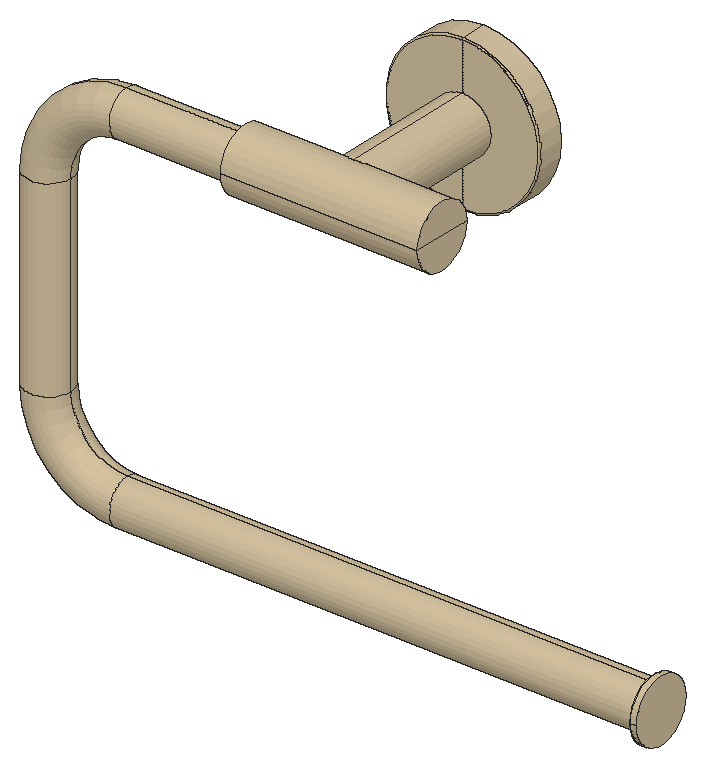
Revit family "Reece_Accessory_Roca_Ona_Towel Ring", category Plumbing Fixtures, Revit 2018
Family settings
  Round Connector Dimension = Use Diameter
  Part Type = Normal
  Work Plane-Based = Yes
  Always vertical = Yes
  Cut with Voids When Loaded = Yes
  Shared = Yes
  Room Calculation Point = Yes
Parameters (values of type "Brushed Brass")
  URL = "https://www.reece.com.au/product/-15086"
  Type Comments = "Accessory"
  Reece_Product_Web Page = "https://www.reece.com.au/product/-15086"
  Reece_Product_Type = "Accessory"  # constant formula
  Reece_Product_Sub Brand = "Ona"  # constant formula
  Reece_Product_Number = "15086"
  Reece_Product_Mount = "Wall Mounted"  # constant formula
  Reece_Product_Description = "Roca Ona Guest Towel Ring Brushed Brass"
  Reece_Product_Brand = "Roca"  # constant formula
  Reece_Overall_Width = 226.0 mm  # constant formula
  Reece_Overall_Projection = 73.4 mm  # constant formula
  Reece_Overall_Height = 162.5 mm  # constant formula
  Reece_Material_Main = Reece_Brass_Brushed
  Reece_Height_From_Level [instance] = 1000.0 mm
  Reece_Fixing_Limit [instance] = if(Reece_Height_From_Level < 135.0 mm, 135.0 mm, if(Reece_Height_From_Level > 135.0 mm, Reece_Height_From_Level, Reece_Height_From_Level))  # 1000.0 mm
  Reece_Detail_Shape = ""
  Reece_Detail_Installation = ""
  Reece_Detail_Disclaimer = "THIS FILE IS THE PROPERTY OF THE REECE GROUP. IT MAY NOT BE REPRODUCED, REVERSE-ENGINEERED, OR MODIFIED. ANY REPUBLICATION, TRANSMISSION, OR DISTRIBUTION FOR THE PURPOSE OF COMMERCIALLY EXPLOITING THE FILES IS PROHIBITED."  # constant formula
  Reece_Detail_Additional = "Towel Ring"  # constant formula
  Model = "Ona"
  Manufacturer = "Roca"
  Keynote = "Product #15086, Reece_Accessory_Roca_Ona_Towel Ring - Brushed Brass"
  Disclaimer = "THIS FILE IS THE PROPERTY OF THE REECE GROUP. IT MAY NOT BE REPRODUCED, REVERSE-ENGINEERED, OR MODIFIED. ANY REPUBLICATION, TRANSMISSION, OR DISTRIBUTION FOR THE PURPOSE OF COMMERCIALLY EXPLOITING THE FILES IS PROHIBITED."  # constant formula
  Description = "Roca Ona Guest Towel Ring Brushed Brass"
  Default Elevation = 0.0 mm
Types (6, lengths in mm): name | URL | Reece_Product_Web Page | Reece_Product_Number | Reece_Product_Description | Reece_Material_Main | Keynote | Description
  (no name) | "https://www.reece.com.au/product/-15082" | "https://www.reece.com.au/product/-15082" | "15082" | "Roca Ona Guest Towel Ring Chrome" | Reece_Brass_Chrome | "Product #15082, Reece_Accessory_Roca_Ona_Towel Ring -  " | "Roca Ona Guest Towel Ring Chrome"
  Matte Black | "https://www.reece.com.au/product/-15083" | "https://www.reece.com.au/product/-15083" | "15083" | "Roca Ona Guest Towel Ring Matte Black" | Reece_Brass_Matte Black | "Product #15083, Reece_Accessory_Roca_Ona_Towel Ring - Matte Black" | "Roca Ona Guest Towel Ring Matte Black"
  Brushed Nickel | "https://www.reece.com.au/product/-15085" | "https://www.reece.com.au/product/-15085" | "15085" | "Roca Ona Guest Towel Ring Brushed Nickel" | Reece_Brass_Brushed Nickel | "Product #15085, Reece_Accessory_Roca_Ona_Towel Ring - Brushed Nickel" | "Roca Ona Guest Towel Ring Brushed Nickel"
  Brushed Brass | "https://www.reece.com.au/product/-15086" | "https://www.reece.com.au/product/-15086" | "15086" | "Roca Ona Guest Towel Ring Brushed Brass" | Reece_Brass_Brushed | "Product #15086, Reece_Accessory_Roca_Ona_Towel Ring - Brushed Brass" | "Roca Ona Guest Towel Ring Brushed Brass"
  Chrome | "https://www.reece.com.au/product/-15082" | "https://www.reece.com.au/product/-15082" | "15082" | "Roca Ona Guest Towel Ring Chrome" | Reece_Brass_Chrome | "Product #15082, Reece_Accessory_Roca_Ona_Towel Ring - Chrome" | "Roca Ona Guest Towel Ring Chrome"
  Matte White | "https://www.reece.com.au/product/-15084" | "https://www.reece.com.au/product/-15084" | "15084" | "Roca Ona Guest Towel Ring Matte White" | Reece_Brass_Brushed Matte White | "Product #15084, Reece_Accessory_Roca_Ona_Towel Ring - Matte White" | "Roca Ona Guest Towel Ring Matte White"
Reference planes
  plane 1 "Center (Front/Back)": y = 0
  plane 2: z = -5
  plane 3 "Center (Left/Right)": x = 0
  plane 4: z = 1000
  plane 5: x = 113
  plane 6: x = -113
  plane 7 "Circ": z = 876
  plane 8: z = 1027.5
  plane 9: z = 865
  plane 10: y = -62.4
  plane 11: y = -62.4
  plane 12: y = -73.4
Forms (mm)
  Revolve 1, solid, material "Reece_Brass_Brushed" <- "Reece_Material_Main"
    sketch origin (-1534.635, -4572, 1000) x (-1, 0, 0) y (0, -1, 0)
      loop
        line (-1499.635, -4520.6) -> (-1499.635, -4509.6) -> (-1569.635, -4509.6) -> (-1569.635, -4520.6) -> (-1499.635, -4520.6)
      axis (-1499.635, -4509.6) -> (-1569.635, -4509.6)
    angle from 0 to 360
  Sweep 2, solid, material "Reece_Brass_Brushed" <- "Reece_Material_Main"
    path origin (0, -0.4, 0) x (1, 0, 0) y (0, 0, 1)
      loop
        line (-35, 1000) -> (-77, 1000)
        arc (-77, 1000) -> (-96.799, 991.799) -> (-105, 972) r 28
        line (-105, 972) -> (-105, 904)
        arc (-105, 904) -> (-96.799, 884.201) -> (-77, 876) r 28
        line (-77, 876) -> (113, 876)
    profile origin (-56, -0.4, 1000) x (0, 0, -1) y (0, -1, 0)
      loop
        circle (0, 62) r 8
  Revolve 3, solid, material "Reece_Brass_Brushed" <- "Reece_Material_Main"
    sketch origin (113, -4572, 876) x (-1, 0, 0) y (0, -1, 0)
      loop
        line (0, -4509.6) -> (0, -4520.6) -> (2, -4520.6)
        arc (2, -4520.6) -> (2.354, -4520.454) -> (2.5, -4520.1) r 0.5
        line (2.5, -4520.1) -> (2.5, -4509.6) -> (0, -4509.6)
      axis (2.5, -4509.6) -> (0, -4509.6)
    angle from 0 to 360
  Revolve 4, solid, material "Reece_Brass_Brushed" <- "Reece_Material_Main"
    sketch origin (0, 0, 0) x (0, 1, 0) y (0, 0, 1)
      loop
        line (0, 1000) -> (0, 1027.5) -> (-9, 1027.5)
        arc (-9, 1027.5) -> (-9.354, 1027.354) -> (-9.5, 1027) r 0.5
        line (-9.5, 1027) -> (-9.5, 1010) -> (-62.4, 1010) -> (-62.4, 1000) -> (0, 1000)
      axis (0, 1000) -> (-62.4, 1000)
    angle from 0 to 360
Cuts and joins
  joined: Revolve 1, Sweep 2, Revolve 3, Revolve 4
Lines and regions (mm)
  model lines, style "InvisibleLines"
    curve 1: line (0, 0, -5) -> (0, 0, 1000)
Text (mm)
  text "Reece Copyright © 2018, Reece Ltd." at (-410.79, -110.984, 0), in view "Ref. Level"
  text "Reece ©" at (-267.843, 467.819, 650), in view "Reece Preview"
Dimensions and locks
  locked: plane 4 to plane 7 "Circ" at 124
  "Reece_Overall_Height": plane 8 to plane 9
  locked: plane 8 to plane 4 at 27.5
  "Reece_Fixing_Limit": plane 4 to level
  Sweep 2 sketch curve to Sweep 2 sketch curve to Sweep 2 sketch curve = 68.0 mm locked, 28.0 mm locked
  "Reece_Overall_Projection": plane 1 "Center (Front/Back)" to plane 12
  equal spacing: plane 6, plane 3 "Center (Left/Right)", plane 5
  "Reece_Overall_Width": plane 6 to plane 5
  locked: plane 2 to level at 5
  aligned and locked: plane 4 to curve 1
  aligned and locked: plane 3 "Center (Left/Right)" to curve 1
  aligned and locked: plane 11 to Sweep 2
  aligned and locked: Revolve 4 sketch curve to plane 4
  aligned and locked: plane 2 to curve 1
Automatic sketch dimensions
  Sweep 2 sketch curve to plane 7 "Circ" = 0.0 mm
  Sweep 2 sketch curve to plane 4 = 0.0 mm
  Sweep 2 sketch curve to plane 5 = 0.0 mm
  plane 6 to Sweep 2 sketch curve = 36.0 mm
  Sweep 2 sketch curve to plane 3 "Center (Left/Right)" = 35.0 mm
  Sweep 2 sketch curve to profile plane = 0.0 mm
  profile plane to Sweep 2 sketch curve = 62.0 mm
  plane 11 to Revolve 3 sketch curve = 0.0 mm  (x2)
  Revolve 3 sketch curve to plane 5 = 0.0 mm
  Revolve 3 sketch curve to plane 5 = 2.0 mm
  Revolve 3 sketch curve to Revolve 3 sketch curve = 0.5 mm
  Revolve 3 sketch curve to plane 11 = 10.5 mm
  Revolve 3 sketch curve to Revolve 3 sketch curve = 6.567 mm
  Revolve 3 sketch curve to Revolve 3 sketch curve = 5.933 mm
  Revolve 1 sketch curve to plane 10 = 0.0 mm  (x2)
  plane 3 "Center (Left/Right)" to Revolve 1 sketch curve = 35.0 mm
  Revolve 1 sketch curve to plane 3 "Center (Left/Right)" = 35.0 mm
  plane 10 to Revolve 1 sketch curve = 11.0 mm
  Revolve 1 sketch curve to Revolve 1 sketch curve = 25.0 mm  (x2)
  Revolve 4 sketch curve to plane 8 = 0.0 mm
  Revolve 4 sketch curve to plane 1 "Center (Front/Back)" = 0.0 mm
  Revolve 4 sketch curve to plane 4 = 0.0 mm
  plane 1 "Center (Front/Back)" to Revolve 4 sketch curve = 9.0 mm
  Revolve 4 sketch curve to Revolve 4 sketch curve = 0.5 mm
  Revolve 4 sketch curve to plane 12 = 235.361 mm
  plane 4 to Revolve 4 sketch curve = 10.0 mm
  Revolve 4 sketch curve to plane 11 = 0.0 mm
  Revolve 4 sketch curve to Revolve 4 sketch curve = 108.138 mm
  radius of Sweep 2 sketch curve = 8.0 mm
